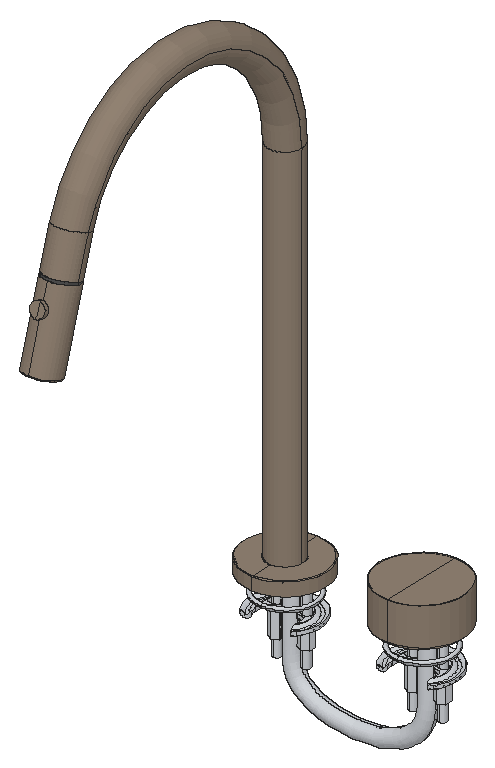
Revit family "Reece_Tap_Milli_Pure_Sink Mixer_Progressive_Pull Out Spray_Linear Texture", category Plumbing Fixtures, host Face, Revit 2018 (continued)
Definition of nested family "Reece_Tap_Milli_Pure_Diverter_Linear Texture_Cap_62mm"
  Automatic sketch dimensions
    Extrusion 3 sketch curve to Extrusion 3 sketch curve = 0.495 mm
    Extrusion 3 sketch curve to Extrusion 3 sketch curve = 0.457 mm
    Extrusion 3 sketch curve to Extrusion 3 sketch curve = 0.437 mm
    Extrusion 3 sketch curve to Extrusion 3 sketch curve = 0.334 mm
    Extrusion 3 sketch curve to Extrusion 3 sketch curve = 0.313 mm
    Extrusion 3 sketch curve to Extrusion 3 sketch curve = 0.336 mm
    Extrusion 3 sketch curve to Extrusion 3 sketch curve = 0.315 mm
    Extrusion 3 sketch curve to Extrusion 3 sketch curve = 0.273 mm
    Extrusion 3 sketch curve to Extrusion 3 sketch curve = 0.185 mm
    Extrusion 3 sketch curve to Extrusion 3 sketch curve = 0.209 mm
    Extrusion 3 sketch curve to Extrusion 3 sketch curve = 0.187 mm
    Extrusion 3 sketch curve to Extrusion 3 sketch curve = 0.076 mm
    Extrusion 3 sketch curve to Extrusion 3 sketch curve = 0.122 mm
    Extrusion 3 sketch curve to Extrusion 3 sketch curve = 0.01 mm
    Extrusion 3 sketch curve to Extrusion 3 sketch curve = 0.982 mm
Definition of nested family "Reece_Tap_Milli_Pure_Diverter_Texture_Main_Nested"
  Parameters (values of type "54mm x 30mm")
    WFU = 0  # constant formula
    Reece_Overall_Width = 54 mm
    Reece_Overall_Height = 30 mm
    Reece_Material_Secondary [instance] = none
    Reece_Material-Main [instance] = none
    Reece_Detail_Installation = ""
    Reece_Detail_Connector = ""
    Reece_Detail_Additional = ""
    HWFU = 0  # constant formula
    Default Elevation = 1000 mm
    CWFU = 0  # constant formula
  Types (3, lengths in mm): name | Reece_Overall_Width | Reece_Overall_Height
    62mm x 30mm | 62 | 30
    60mm x 28mm | 60 | 28
    54mm x 30mm | 54 | 30
  Reference planes
    plane 1 "Center (Front/Back)": y = 0
    plane 2 "Bottom": z = 0
    plane 3 "Center (Left/Right)": x = 0
    plane 4: y = -27
    plane 5: y = 27
    plane 6: z = 30
    plane 7: y = -25
    plane 8: y = 25
    plane 9: z = 16
    plane 10: z = 2
  Forms (mm)
    Extrusion 1, solid
      sketch origin (619.2, -619.2, 0) x (1, 0, 0) y (0, 1, 0)
        loop
          line (-809.2, 779.2) -> (-809.2, 461.779) -> (-428.415, 461.779) -> (-428.415, 779.2) -> (-809.2, 779.2)
      from 0 to -9.564
    Revolve 2, solid, material <- "Reece_Material_Secondary"
      sketch origin (0, 50, 0) x (0, -1, 0) y (0, 0, 1)
        loop
          line (50, 0) -> (75, 0) -> (75, 2) -> (77, 2) -> (77, 30) -> (75, 28) -> (50, 28) -> (50, 0)
        axis (50, 0) -> (50, 30)
      angle from 0 to 360
    Revolve 3, solid, material <- "Reece_Material-Main"
      sketch origin (0, 50, 0) x (0, -1, 0) y (0, 0, 1)
        loop
          line (77, 30) -> (50, 30) -> (50, 28) -> (75, 28) -> (77, 30)
        axis (50, 28) -> (50, 30)
      angle from 0 to 360
  Text (mm)
    text "Reece Copyright © 2018, Reece Ltd." at (-1403.988, -1192.393, 0), in view "Ref. Level"
    text "Reece ©" at (44.384, 258.95, 192.345), in view "Reece Preview"
  Dimensions and locks
    equal spacing: plane 5, plane 1 "Center (Front/Back)", plane 4
    "Reece_Overall_Width": plane 5 to plane 4
    "Reece_Overall_Height": plane 6 to plane 2 "Bottom"
    locked: plane 7 to plane 4 at 2
    locked: plane 5 to plane 8 at 2
    equal spacing: plane 6, plane 9, plane 10
    locked: plane 10 to plane 2 "Bottom" at 2
    aligned and locked: plane 2 "Bottom" to Extrusion 1
    aligned and locked: level to Extrusion 1
    aligned and locked: plane 7 to Revolve 2 sketch curve
  Automatic sketch dimensions
    Extrusion 1 sketch curve to Extrusion 1 sketch curve = 380.785 mm
    Extrusion 1 sketch curve to Extrusion 1 sketch curve = 317.421 mm
    Revolve 2 sketch curve to plane 1 "Center (Front/Back)" = 0 mm  (x2)
    Revolve 2 sketch curve to level = 0 mm
    Revolve 2 sketch curve to plane 7 = 0 mm
    Revolve 2 sketch curve to plane 4 = 0 mm
    Revolve 2 sketch curve to plane 6 = 0 mm  (x2)
    level to Revolve 2 sketch curve = 2 mm
    Revolve 2 sketch curve to plane 6 = 2 mm
    Revolve 2 sketch curve to Revolve 2 sketch curve = 10 mm
    Revolve 3 sketch curve to plane 1 "Center (Front/Back)" = 0 mm  (x2)
    Revolve 3 sketch curve to plane 7 = 0 mm
    Revolve 3 sketch curve to plane 4 = 0 mm
    Revolve 3 sketch curve to plane 6 = 0 mm  (x2)
    Revolve 3 sketch curve to plane 6 = 2 mm
    Revolve 3 sketch curve to Revolve 3 sketch curve = 10 mm
Types (7, lengths in mm): name | URL | Reece_Product_Web Page | Reece_Product_Number | Reece_Product_Description | Reece_Material_Secondary | Reece_Material-Main | Keynote | Description
  (no name) | "https://www.reece.com.au/product/-2264084" | "https://www.reece.com.au/product/-2264084" | "2264084" | "Milli Pure Progressive Sink Mixer Tap Set with Pull Out Spray and Linear Textured Handle Gunmetal (4 Star)" | Reece_Brass_Brushed Gunmetal_Linear Pattern | Reece_Brass_Brushed Gunmetal | "Product #2264084, Reece_Tap_Milli_Pure_Sink Mixer_Progressive_Pull Out Spray_Linear Texture -  " | "Milli Pure Progressive Sink Mixer Tap Set with Pull Out Spray and Linear Textured Handle Gunmetal (4 Star)"
  Brushed Gunmetal | "https://www.reece.com.au/product/-2264084" | "https://www.reece.com.au/product/-2264084" | "2264084" | "Milli Pure Progressive Sink Mixer Tap Set with Pull Out Spray and Linear Textured Handle Gunmetal (4 Star)" | Reece_Brass_Brushed Gunmetal_Linear Pattern | Reece_Brass_Brushed Gunmetal | "Product #2264084, Reece_Tap_Milli_Pure_Sink Mixer_Progressive_Pull Out Spray_Linear Texture - Brushed Gunmetal" | "Milli Pure Progressive Sink Mixer Tap Set with Pull Out Spray and Linear Textured Handle Gunmetal (4 Star)"
  Brushed Nickel | "https://www.reece.com.au/product/-2264081" | "https://www.reece.com.au/product/-2264081" | "2264081" | "Milli Pure Progressive Sink Mixer Tap Set with Pull Out Spray and Linear Textured Handle Brushed Nickel (4 Star)" | Reece_Brass_Brushed Nickel_Linear Pattern | Reece_Brass_Brushed Nickel | "Product #2264081, Reece_Tap_Milli_Pure_Sink Mixer_Progressive_Pull Out Spray_Linear Texture - Brushed Nickel" | "Milli Pure Progressive Sink Mixer Tap Set with Pull Out Spray and Linear Textured Handle Brushed Nickel (4 Star)"
  Chrome | "https://www.reece.com.au/product/-2264075" | "https://www.reece.com.au/product/-2264075" | "2264075" | "Milli Pure Progressive Sink Mixer Tap Set with Pull Out Spray and Linear Textured Handle Chrome (4 Star)" | Reece_Brass_Chrome_Linear Pattern | Reece_Brass_Chrome | "Product #2264075, Reece_Tap_Milli_Pure_Sink Mixer_Progressive_Pull Out Spray_Linear Texture - Chrome" | "Milli Pure Progressive Sink Mixer Tap Set with Pull Out Spray and Linear Textured Handle Chrome (4 Star)"
  Matte Black | "https://www.reece.com.au/product/-2264078" | "https://www.reece.com.au/product/-2264078" | "2264078" | "Milli Pure Progressive Sink Mixer Tap Set with Pull Out Spray and Linear Textured Handle Matte Black (4 Star)" | Reece_Brass_Matte Black_Linear Pattern | Reece_Brass_Matte Black | "Product #2264078, Reece_Tap_Milli_Pure_Sink Mixer_Progressive_Pull Out Spray_Linear Texture - Matte Black" | "Milli Pure Progressive Sink Mixer Tap Set with Pull Out Spray and Linear Textured Handle Matte Black (4 Star)"
  PVD Brushed Bronze | "https://www.reece.com.au/product/-9511139" | "https://www.reece.com.au/product/-9511139" | "9511139" | "Milli Pure Progressive Sink Mixer Tap Set with Pull Out Spray and Linear Textured Handle PVD Brushed Bronze (4 Star)" | Reece_PVD_Brushed Bronze_Linear Pattern | Reece_PVD_Brushed Bronze | "Product #9511139, Reece_Tap_Milli_Pure_Sink Mixer_Progressive_Pull Out Spray_Linear Texture - PVD Brushed Bronze" | "Milli Pure Progressive Sink Mixer Tap Set with Pull Out Spray and Linear Textured Handle PVD Brushed Bronze (4 Star)"
  PVD Brushed Gold | "https://www.reece.com.au/product/-9510954" | "https://www.reece.com.au/product/-9510954" | "9510954" | "Milli Pure Progressive Sink Mixer Tap Set with Pull Out Spray and Linear Textured Handle PVD Brushed Gold (4 Star)" | Reece_PVD_Brushed Gold_Linear Pattern | Reece_PVD_Brushed Gold | "Product #9510954, Reece_Tap_Milli_Pure_Sink Mixer_Progressive_Pull Out Spray_Linear Texture - PVD Brushed Gold" | "Milli Pure Progressive Sink Mixer Tap Set with Pull Out Spray and Linear Textured Handle PVD Brushed Gold (4 Star)"
